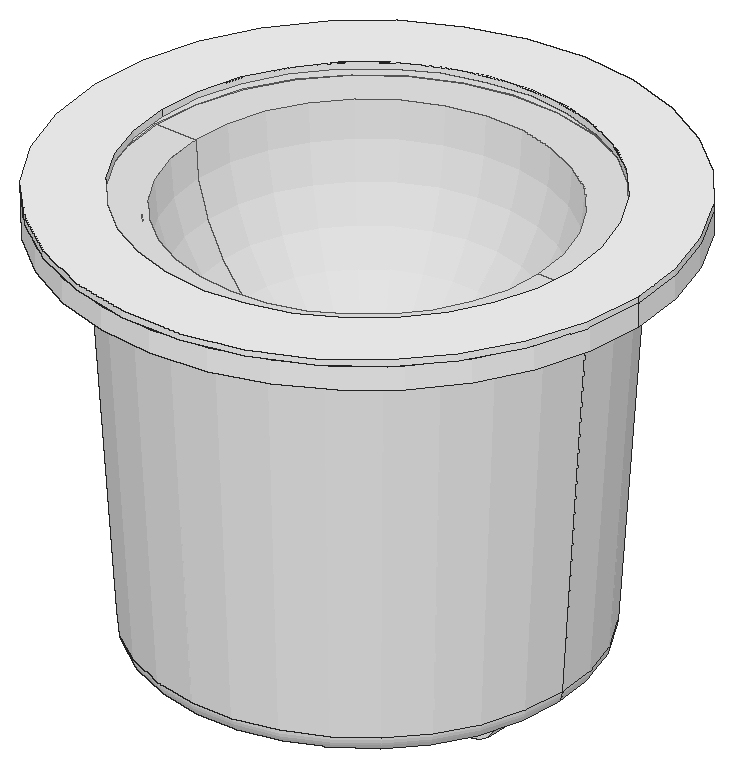
Revit family "2058939", category Lighting Fixtures, host Face, Revit 2018
Family settings
  Host = Face
  Round Connector Dimension = Use Diameter
  Part Type = Normal
  OmniClass Number = 23.80.70.11.17
  OmniClass Title = Specialized Lighting by Location or Use
  Cut with Voids When Loaded = No
  Light Source = Yes
  Shared = No
  Room Calculation Point = No
Parameters (values of type "2058939 MYRIAD DECO IP65 SP 4K DALI EM WH CBEZ")
  Weight = "n/a"
  Wattage = 15 W
  WarrantyStartDate [instance] = "n/a"
  WarrantyGuarantorParts = "n/a"
  WarrantyDurationUnit = "n/a"
  WarrantyDurationParts = ""
  WarrantyDescription = "http://www.sylvania-lighting.com"
  built-in parameter 1150110 = 1 (stored number, unit not read)
  Voltage = 230 V
  URL = "0"
  TypeName = "MYRIAD DECO IP65 SPOT 4000K DALI EM WHITE CBEZ"
  Type Image = 0
  Type Comments = ""
  built-in parameter 1114217 = 1 (stored number, unit not read)
  Tilt Angle = -90°
  built-in parameter 1150109 = 1 (stored number, unit not read)
  built-in parameter 1150134 = (empty or 0)
  built-in parameter 1150113 = 1 (stored number, unit not read)
  SerialNumber [instance] = "n/a"
  Reflector Radius = Cutout Diameter / 2 - 2.5 mm  # 35.0 mm
  Reflector Material = Aluminum_Sylvania_Myriad_Bright
  Recessed Depth = Height  # 72.0 mm
  PowerFactor = 0
  PowerConsumption = "Lighting"
  Photometric Web File = "2058939.ies"
  NominalWidth = 0.0 mm
  NominalLength = 76.0 mm
  NominalHeight = 72.0 mm
  Name = "MYRIAD DECO IP65 SPOT 4000K DALI EM WHITE CBEZ"
  ModelReference = "MYRIAD DECO IP65 SPOT 4000K DALI EM WHITE CBEZ"
  ModelNumber = "2058939"
  Material = "Feilo Sylvania"
  ManufacturerName = "94 lm/W"
  LuminousEfficacy = ""
  LuminaireType = "0"
  LightOutputRatio = "LED"
  LampsType = Lamp  # "n/a"
  LampNominalLuminous = "4000 K"
  LampMacAdamStep = "90"
  LampColourTemperature = "LED"
  LampColourRenderingIndex = "16500"
  Keynote = "n/a"
  Keynote_2 = "16500"
  InstallationDate [instance] = "n/a"
  InputVoltage = "0"
  InputNominalFrequency = "4000"
  IngressProtection = "IfcLightFixtureType"
  ImpactProtectionIndex = "IfcLightFixtureType"
  IfcExportType = "IfcLightFixtureType"
  IfcExportAs = "Class II"
  Height = 72.0 mm  # constant formula
  ExpectedLife = 50000
  Emit from Circle Diameter = Accessory Inner Diameter 2  # 68.0 mm
  Emit Shape Visible in Rendering = no
  ElectricShockClassification = "94"
  DurationUnit = "hours"
  DocumentationLiterature = "http://www.sylvania-lighting.com/product/en-int/products/2058939"
  DimmingControlOptions = "n/a"
  Diffuser Material = Glass_Sylvania_Myriad_Clear_4000K
  Diffuser Diameter = Cutout Diameter  # 75.0 mm
  Cutout Diameter = 75.0 mm  # constant formula
  CreatedOn = "03/02/2022"
  CreatedBy = "@sylvania-lighting.com"
  built-in parameter 1001205 = 0
  Cost = 0
  built-in parameter 1114216 [instance] = 1 (stored number, unit not read)
  Model = "MYRIAD DECO IP65 SPOT 4000K DALI EM WHITE CBEZ"
  Manufacturer = "Feilo Sylvania"  # constant formula
  built-in parameter 1150105 = 83.556 (stored number, unit not read)
  Lumens = 1050 lm
  built-in parameter 1150115 = 1 (stored number, unit not read)
  built-in parameter 1150137 = (empty or 0)
  built-in parameter 1150139 = (empty or 0)
  built-in parameter 1150112 = 1 (stored number, unit not read)
  built-in parameter 1150114 = 1 (stored number, unit not read)
  Lamp = "n/a"
  built-in parameter 1150132 = (empty or 0)
  built-in parameter 1150102 = (empty or 0)
  built-in parameter 1150107 = 2700 (stored number, unit not read)
  built-in parameter 1150138 = (empty or 0)
  built-in parameter 1150106 = 0.83556 (stored number, unit not read)
  built-in parameter 1150104 = 6.5032 (stored number, unit not read)
  Dimming Lamp Color Temperature Shift = <None>
  Description = "Supplied complete with electronic control gear Compact Fluorescent low energy downlight Emergency version passes through the cut out Ideal for low level orientation lighting New range of Architectural accessories each providing a different lit dimension New completely flush plaster up accessory ring for clean ceiling lines and smooth finish Order lamp separately"  # constant formula
  Default Elevation = 0.0 mm
  Color Filter = 16777215
  built-in parameter 1140040 [instance] = 1
  Body Radius = Reflector Radius + 1.5 mm  # 36.5 mm
  Body Material = Aluminum_Sylvania_Myriad_Gray
  BarCode [instance] = "n/a"
  built-in parameter 1114218 = 1 (stored number, unit not read)
  built-in parameter 1150133 = 10 (stored number, unit not read)
  AssetType = "Fixed"
  AssetIdentifier [instance] = "n/a"
  Assembly Code = "D5020200"
  Apparent Load = 12 VA
  Accessory Material = Aluminum_Sylvania_Myriad_White
  Accessory Inner Diameter 2 = Accessory Diameter - 22.0 mm  # 68.0 mm
  Accessory Inner Diameter 1 = Accessory Diameter - 2.0 mm  # 88.0 mm
  Accessory Diameter = Cutout Diameter + 15.0 mm  # 90.0 mm
Reference planes
  plane 1 "Center (Front/Back)": y = 0
  plane 2: z = 0
  plane 3 "Center (Left/Right)": x = 0
  plane 4: z = 2
  plane 5 "Fixture Bottom": z = 4.5
  plane 6: z = -28.5
  plane 7: z = -61.5
  plane 8 "Fixture Top": z = -67.5
  plane 9: z = 3.5
Forms (mm)
  Revolve 1, solid, material "Aluminum_Sylvania_Myriad_Bright" <- "Reflector Material", detail levels fine
    sketch origin (0, 0, 0) x (1, 0, 0) y (0, 0, 1)
      loop
        line (0, -27.515) -> (-6, -27.515)
        arc (-6, -27.515) -> (-22.333, -16.632) -> (-28.5, 2) r 30.135
        line (-28.5, 2) -> (-35, 2) -> (-35, 0) -> (-29.184, 0)
        arc (-29.184, 0) -> (-22.423, -18.18) -> (-6, -28.5) r 30.204
        line (-6, -28.5) -> (0, -28.5) -> (0, -27.515)
      axis (0, -28.5) -> (0, 2)
    angle from 0 to 360
  Revolve 2, solid, material "Aluminum_Sylvania_Myriad_Gray" <- "Body Material", detail levels fine
    sketch origin (0, 0, 0) x (1, 0, 0) y (0, 0, 1)
      loop
        line (-44, 2) -> (-44, 0) -> (-36.5, 0) -> (-32.42, -58.708)
        arc (-32.42, -58.708) -> (-31.474, -60.694) -> (-29.428, -61.5) r 3
        line (-29.428, -61.5) -> (0, -61.5) -> (0, -28.5) -> (-6, -28.5)
        arc (-6, -28.5) -> (-22.423, -18.18) -> (-29.184, 0) r 30.204
        line (-29.184, 0) -> (-35, 0) -> (-35, 2) -> (-44, 2)
      axis (0, 2) -> (0, -61.5)
    angle from 0 to 360
  Extrusion 3, solid, material "Aluminum_Sylvania_Myriad_Gray" <- "Body Material", detail levels fine
    sketch origin (0, 0, 0) x (1, 0, 0) y (0, 0, 1)
      loop
        line (-13.5, -67.5) -> (21, -67.5)
        arc (21, -67.5) -> (23.828, -66.328) -> (25, -63.5) r 4
        line (25, -63.5) -> (25, -61.5) -> (-17.5, -61.5) -> (-17.5, -63.5)
        arc (-17.5, -63.5) -> (-16.328, -66.328) -> (-13.5, -67.5) r 4
    from -4.5 to 4.5
  Extrusion 4, solid, material "Aluminum_Sylvania_Myriad_White" <- "Accessory Material", detail levels fine
    sketch origin (0, 0, 0) x (1, 0, 0) y (0, 1, 0)
      loop
        circle (0, 0) r 45
      loop
        circle (0, 0) r 44
    from 0 to 3.5
  Extrusion 5, solid, material "Aluminum_Sylvania_Myriad_White" <- "Accessory Material", detail levels fine
    sketch origin (0, 0, 0) x (1, 0, 0) y (0, 1, 0)
      loop
        circle (0, 0) r 45
      loop
        circle (0, 0) r 34
    from 3.5 to 4.5
  Extrusion 6, solid, material "Aluminum_Sylvania_Myriad_White" <- "Accessory Material", detail levels coarse+medium
    sketch origin (0, 0, 0) x (1, 0, 0) y (0, 1, 0)
      loop
        circle (0, 0) r 45
    from 0 to 4.5
  Revolve 7, solid, detail levels coarse+medium
    sketch origin (0, 0, 0) x (1, 0, 0) y (0, 0, 1)
      loop
        line (36.5, 0) -> (0, 0) -> (0, -61.5) -> (32.226, -61.5) -> (36.5, 0)
      axis (0, 0) -> (0, -61.5)
    angle from 0 to 360
  Extrusion 8, void
    sketch origin (0, 0, 0) x (1, 0, 0) y (0, 1, 0)
      loop
        circle (0, 0) r 37.5
    from -67.5 to 0
  Extrusion 9, solid, material "Glass_Sylvania_Myriad_Clear_4000K" <- "Diffuser Material", detail levels fine
    sketch origin (0, 0, 0) x (1, 0, 0) y (0, 1, 0)
      loop
        circle (0, 0) r 37.5
    from 2 to 3.5
Cuts and joins
  joined: Extrusion 4, Extrusion 5
Lines and regions (mm)
  Masking region 1
    outline origin (0, 0, 0) x (1, 0, 0) y (0, 1, 0)
      loop
        circle (0, 0) r 45
  symbolic lines
    curve 1: arc (-34, 0, 0) -> (0, 34, 0) -> (34, 0, 0) r 34
    curve 2: arc (34, 0, 0) -> (0, -34, 0) -> (-34, 0, 0) r 34
Dimensions and locks
  locked: plane 7 to plane 8 "Fixture Top" at 6
  "Body Radius": Revolve 7 sketch curve to plane 3 "Center (Left/Right)"
  locked: Revolve 7 sketch curve to Revolve 7 sketch curve at 4.274
  plane 5 "Fixture Bottom" to plane 9 to plane 4 to plane 2 to plane 6 = 1.0 mm locked, 1.5 mm locked, 2.0 mm locked, 28.5 mm locked
  "Reflector Radius": Revolve 1 sketch curve to plane 3 "Center (Left/Right)"
  Revolve 1 sketch curve to Revolve 1 sketch curve to Revolve 1 sketch curve to Revolve 1 sketch curve = 6.5 mm locked, 22.5 mm locked, 0.0 mm locked
  "Reflector Radius": plane 3 "Center (Left/Right)" to Revolve 2 sketch curve
  Revolve 2 sketch curve to Revolve 2 sketch curve to Revolve 2 sketch curve = 7.5 mm locked, 1.5 mm locked
  Revolve 2 sketch curve to Revolve 2 sketch curve to Revolve 2 sketch curve = 5.816 mm locked, 23.184 mm locked
  Revolve 2 sketch curve to Revolve 2 sketch curve to Revolve 2 sketch curve = 2.58 mm locked, 2.993 mm locked
  "Accessory Diameter": diameter of Extrusion 4 sketch curve
  "Accessory Inner Diameter 1": diameter of Extrusion 4 sketch curve
  "Accessory Diameter": diameter of Extrusion 5 sketch curve
  "Accessory Diameter": diameter of Extrusion 6 sketch curve
  "Cutout Diameter": diameter of Extrusion 8 sketch curve
  "Accessory Inner Diameter 2": diameter of Extrusion 5 sketch curve
  "Diffuser Diameter": diameter of Extrusion 9 sketch curve
  aligned and locked: plane 2 to host face
  aligned and locked: level to host face
  aligned and locked: plane 1 "Center (Front/Back)" to imposter light
  aligned and locked: plane 3 "Center (Left/Right)" to imposter light
  aligned and locked: Revolve 1 sketch curve to imposter light
  aligned and locked: Extrusion 3 sketch curve to plane 8 "Fixture Top"
  aligned and locked: plane 7 to Extrusion 3 sketch curve
  aligned and locked: Extrusion 4 to plane 2
  aligned and locked: plane 9 to Extrusion 4
  aligned and locked: Extrusion 5 to plane 9
  aligned and locked: plane 5 "Fixture Bottom" to Extrusion 5
  aligned and locked: Extrusion 6 to plane 2
  aligned and locked: plane 5 "Fixture Bottom" to Extrusion 6
  aligned and locked: Extrusion 8 to plane 8 "Fixture Top"
  aligned and locked: plane 2 to Extrusion 8
  aligned and locked: Masking region 1 sketch curve to Extrusion 6  (x2)
  aligned and locked: Extrusion 9 to plane 4
  aligned and locked: plane 9 to Extrusion 9
  aligned and locked: plane 4 to Revolve 2 sketch curve
  aligned and locked: Revolve 2 sketch curve to plane 2
  aligned and locked: curve 1 to cut or joined group of Extrusion 4, Extrusion 5
  aligned and locked: curve 2 to cut or joined group of Extrusion 4, Extrusion 5
  aligned and locked: imposter light to plane 5 "Fixture Bottom"
Automatic sketch dimensions
  host sketch curve to host sketch curve = 1305.563 mm
  host sketch curve to host sketch curve = 1283.632 mm
  Extrusion 3 sketch curve to plane 7 = 2.0 mm
  Extrusion 3 sketch curve to plane 3 "Center (Left/Right)" = 13.5 mm
  plane 3 "Center (Left/Right)" to Extrusion 3 sketch curve = 21.0 mm
  Extrusion 3 sketch curve to Extrusion 3 sketch curve = 4.0 mm
  Revolve 1 sketch curve to level = 0.0 mm
  Revolve 1 sketch curve to plane 3 "Center (Left/Right)" = 0.0 mm
  Revolve 1 sketch curve to plane 6 = 0.0 mm
  Revolve 1 sketch curve to plane 4 = 0.0 mm
  Revolve 1 sketch curve to Revolve 1 sketch curve = 0.684 mm
  level to Revolve 1 sketch curve = 0.88 mm
  Revolve 1 sketch curve to plane 4 = 0.363 mm
  Revolve 1 sketch curve to Revolve 1 sketch curve = 0.625 mm
  Revolve 1 sketch curve to plane 8 "Fixture Top" = 232.8 mm
  plane 5 "Fixture Bottom" to Revolve 1 sketch curve = 291.243 mm
  Revolve 2 sketch curve to plane 3 "Center (Left/Right)" = 0.0 mm  (x2)
  Revolve 2 sketch curve to plane 7 = 0.0 mm
  Revolve 2 sketch curve to plane 6 = 0.0 mm
  Revolve 2 sketch curve to level = 0.0 mm
  level to Revolve 2 sketch curve = 0.88 mm
  plane 7 to Revolve 2 sketch curve = 2.792 mm
  Revolve 2 sketch curve to plane 8 "Fixture Top" = 304.774 mm
  plane 5 "Fixture Bottom" to Revolve 2 sketch curve = 1137.105 mm
  Extrusion 4 sketch curve to Extrusion 4 sketch curve = 0.0 mm  (x2)
  plane 1 "Center (Front/Back)" to Extrusion 4 sketch curve = 0.0 mm
  Extrusion 4 sketch curve to plane 3 "Center (Left/Right)" = 0.0 mm
  Extrusion 5 sketch curve to Extrusion 5 sketch curve = 0.0 mm  (x2)
  plane 1 "Center (Front/Back)" to Extrusion 5 sketch curve = 0.0 mm
  Extrusion 5 sketch curve to plane 3 "Center (Left/Right)" = 0.0 mm
  plane 1 "Center (Front/Back)" to Extrusion 6 sketch curve = 0.0 mm
  Extrusion 6 sketch curve to plane 3 "Center (Left/Right)" = 0.0 mm
  Revolve 7 sketch curve to level = 0.0 mm
  Revolve 7 sketch curve to plane 3 "Center (Left/Right)" = 0.0 mm  (x2)
  Revolve 7 sketch curve to plane 7 = 0.0 mm
  Revolve 7 sketch curve to plane 8 "Fixture Top" = 304.774 mm
  plane 5 "Fixture Bottom" to Revolve 7 sketch curve = 43.226 mm
  plane 1 "Center (Front/Back)" to Extrusion 8 sketch curve = 0.0 mm
  Extrusion 8 sketch curve to plane 3 "Center (Left/Right)" = 0.0 mm
  plane 1 "Center (Front/Back)" to Extrusion 9 sketch curve = 0.0 mm
  Extrusion 9 sketch curve to plane 3 "Center (Left/Right)" = 0.0 mm
Connectors
  electrical at (-0.006, -0.019, -67.5), driven by "Apparent Load", driven by "Apparent Load"
    settings: on plane 8 "Fixture Top", index 1, voltage 230 V, apparent load 12 VA, apparent load phase1 12 VA, apparent load phase2 0 VA, apparent load phase3 0 VA, power factor 1, load classification "Lighting", number of poles 1, system type 30, power factor state 1, is connector primary yes, connector utility no, sub classification motor no, connector description ""
